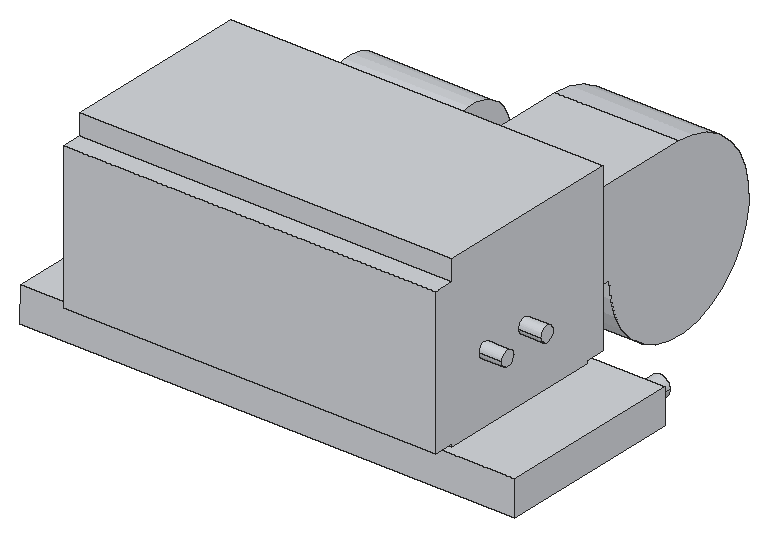
Revit family "3d00e6b4e3e946b3a1bdeae072e969f5", category Mechanical Equipment, Revit 2021
Family settings
  Round Connector Dimension = Use Diameter
  Part Type = Normal
  OmniClass Number = 23.75.70.17.27
  OmniClass Title = Fan Coil Units
  Seek Item ID = Fan Coil Unit - Horizontal - DX-0000-USA-ENU
  Work Plane-Based = No
  Always vertical = Yes
  Cut with Voids When Loaded = No
  Shared = No
  Room Calculation Point = No
Parameters (values of type "200 CFM")
  Voltage = 120 V
  Unit Length = 1' - 9 1/4"
  Unit Height = 0' - 8 3/4"
  Total Cooling Capacity = 6000 Btu/h
  Supply Air Width = 16"
  Supply Air Height = 6 1/4"
  Sensible Cooling Capacity = 4600 Btu/h
  Refrigerant Flow [instance] = 1 GPM
  Radius = Height 1 - 0' 1 1/2" - 0' 0 1/8"  # 0' - 2 1/16"
  Number of Poles = 1
  Nominal Air Flow [instance] = 200 CFM
  Load Classification = Cooling
  Length 2 = Unit Length / 4  # 0' - 5 5/16"
  Length 1 = Unit Length / 6  # 0' - 3.54167"
  Height 1 = Unit Height / 4 + 0' 1 1/2"  # 0' - 3 11/16"
  External Static Pressure [instance] = 0.30 in-wg
  Drain Flow [instance] = 0 GPM
  Default Elevation = 0' - 0"
  CFU Material = none
  C2 Offset 1 = 0' - 4 1/4"
  C1 Offset 1 = 0' - 4 1/4"
  Apparent Load = 50 VA
Types (8): name | Unit Length | Unit Height | Total Cooling Capacity | Supply Air Width | Supply Air Height | Sensible Cooling Capacity | Refrigerant Flow | Radius | Nominal Air Flow | Length 2 | Length 1 | Height 1 | C2 Offset 1 | C1 Offset 1 | Apparent Load
  (no name) | 1' - 9 1/4" | 0' - 8 3/4" | 6000 Btu/h | 16" | 6 1/4" | 4600 Btu/h | 1 GPM | 0' - 2 1/16" | 200 CFM | 0' - 5 5/16" | 0' - 3.54167" | 0' - 3 11/16" | 0' - 4 1/4" | 0' - 4 1/4" | 50 VA
  200 CFM | 1' - 9 1/4" | 0' - 8 3/4" | 6000 Btu/h | 16" | 6 1/4" | 4600 Btu/h | 1 GPM | 0' - 2 1/16" | 200 CFM | 0' - 5 5/16" | 0' - 3.54167" | 0' - 3 11/16" | 0' - 4 1/4" | 0' - 4 1/4" | 50 VA
  300 CFM | 2' - 1 1/4" | 0' - 8 3/4" | 9000 Btu/h | 20" | 6 1/4" | 6900 Btu/h | 2 GPM | 0' - 2 1/16" | 300 CFM | 0' - 6 5/16" | 0' - 4.20833" | 0' - 3 11/16" | 0' - 4 1/4" | 0' - 4 1/4" | 85 VA
  400 CFM | 2' - 7 1/4" | 0' - 8 3/4" | 13300 Btu/h | 26" | 6 1/4" | 10300 Btu/h | 3 GPM | 0' - 2 1/16" | 400 CFM | 0' - 7 13/16" | 0' - 5.20833" | 0' - 3 11/16" | 0' - 4 1/4" | 0' - 4 1/4" | 165 VA
  600 CFM | 3' - 0 1/4" | 0' - 10" | 18000 Btu/h | 31" | 7 1/2" | 14600 Btu/h | 4 GPM | 0' - 2 3/8" | 600 CFM | 0' - 9 1/16" | 0' - 6.04167" | 0' - 4" | 0' - 4 7/8" | 0' - 3 5/8" | 225 VA
  800 CFM | 3' - 7 1/4" | 0' - 10" | 22600 Btu/h | 38" | 7 1/2" | 16900 Btu/h | 5 GPM | 0' - 2 3/8" | 800 CFM | 0' - 10 13/16" | 0' - 7.20833" | 0' - 4" | 0' - 4 7/8" | 0' - 3 5/8" | 235 VA
  1000 CFM | 4' - 9 1/4" | 0' - 10" | 27500 Btu/h | 52" | 7 1/2" | 21000 Btu/h | 6 GPM | 0' - 2 3/8" | 1000 CFM | 1' - 2 5/16" | 0' - 9.54167" | 0' - 4" | 0' - 3 3/8" | 0' - 4 7/8" | 305 VA
  1200 CFM | 5' - 5 1/4" | 0' - 10" | 32800 Btu/h | 60" | 7 1/2" | 25000 Btu/h | 7 GPM | 0' - 2 3/8" | 1200 CFM | 1' - 4 5/16" | 0' - 10 7/8" | 0' - 4" | 0' - 3 3/8" | 0' - 4 7/8" | 435 VA
Reference planes (in)
  plane 1 "Center (Front/Back)": y = 0
  plane 2: z = 0
  plane 3 "Center (Left/Right)": x = 0
  plane 4: x = 21.25
  plane 5: y = 17
  plane 6: y = 8.5
  plane 7: z = 8.75
  plane 8: z = 7.875
  plane 9: z = 1.625
  plane 10: y = 0.375
  plane 11: z = 1.5
  plane 12: y = 7.625
  plane 13: x = 2.25
  plane 14: x = 18.25
  plane 15: x = 20.25
  plane 16: y = 4.25
  plane 17: y = 2.125
  plane 18: z = 4.5
  plane 19: z = 4.5
  plane 20: x = 19.25
  plane 21: z = 0.75
  plane 22: y = 13.25
  plane 23: x = 3.54167
  plane 24: x = 17.70833
  plane 25: x = 12.39583
  plane 26: x = 8.85417
  plane 27: z = 3.6875
  plane 28: y = -0.5
  plane 29: y = 8.0625
  plane 30: y = 9.0625
Forms (in)
  Extrusion 1, solid, material <- "CFU Material"
    sketch origin (0, 0, 0) x (0, 1, 0) y (0, 0, 1)
      loop
        line (0, 1.5) -> (0, 0) -> (8.0625, 0) -> (8.0625, 1.5) -> (0, 1.5)
    from 0 to 21.25
  Extrusion 2, solid, material <- "CFU Material"
    sketch origin (0, 0, 0) x (0, 1, 0) y (0, 0, 1)
      loop
        line (-0.5, 7.875) -> (-0.5, 1.625) -> (0.375, 1.625) -> (0.375, 1.5) -> (7.625, 1.5) -> (7.625, 1.625) -> (8.5, 1.625) -> (8.5, 8.75) -> (0.375, 8.75) -> (0.375, 7.875) -> (-0.5, 7.875)
    from 2.25 to 18.25
  Extrusion 3, solid, material <- "CFU Material"
    sketch origin (0, 0, 0) x (0, 1, 0) y (0, 0, 1)
      loop
        circle (2.125, 4.5) r 0.3125
    from 18.25 to 19.25
  Extrusion 4, solid, material <- "CFU Material"
    sketch origin (0, 0, 0) x (0, 1, 0) y (0, 0, 1)
      loop
        circle (4.25, 4.5) r 0.3125
    from 18.25 to 19.25
  Extrusion 5, solid, material <- "CFU Material"
    sketch origin (0, 0, 0) x (1, 0, 0) y (0, 0, 1)
      loop
        circle (20.25, 0.75) r 0.4375
    from -9.0625 to -8.0625
  Extrusion 6, solid, material <- "CFU Material"
    sketch origin (0, 0, 0) x (0, 1, 0) y (0, 0, 1)
      loop
        line (7.625, 1.625) -> (7.625, 1.5) -> (13.25, 1.5) -> (13.25, 1.625) -> (7.625, 1.625)
    from 3.54167 to 8.85417
  Extrusion 7, solid, material <- "CFU Material"
    sketch origin (0, 0, 0) x (0, 1, 0) y (0, 0, 1)
      loop
        circle (13.25, 3.6875) r 2.0625
    from 3.54167 to 8.85417
  Extrusion 8, solid, material <- "CFU Material"
    sketch origin (0, 0, 0) x (0, 1, 0) y (0, 0, 1)
      loop
        circle (13.25, 3.6875) r 0.5
    from 8.85417 to 12.39583
  Extrusion 9, solid, material <- "CFU Material"
    sketch origin (0, 0, 0) x (0, 1, 0) y (0, 0, 1)
      loop
        line (8.5, 7.4375) -> (8.5, 3.6875) -> (9.5, 3.6875)
        arc (9.5, 3.6875) -> (15.90165, 1.03585) -> (13.25, 7.4375) r 3.75
        line (13.25, 7.4375) -> (8.5, 7.4375)
    from 12.39583 to 17.70833
Cuts and joins
  joined: Extrusion 1, Extrusion 2, Extrusion 3, Extrusion 4, Extrusion 5, Extrusion 6, Extrusion 7, Extrusion 9
Dimensions and locks (in)
  "Unit Length": plane 3 "Center (Left/Right)" to plane 4
  equal spacing: plane 1 "Center (Front/Back)", plane 6, plane 5
  "Unit Height": plane 7 to plane 2
  locked: plane 7 to plane 8 at 0.875
  "Supply Air Height": plane 8 to plane 9
  locked: plane 11 to plane 2 at 1.5
  locked: plane 12 to plane 6 at 0.875
  locked: plane 3 "Center (Left/Right)" to plane 13 at 2.25
  "Supply Air Width": plane 13 to plane 14
  locked: plane 15 to plane 4 at 1
  locked: plane 14 to plane 20 at 1
  equal spacing: plane 11, plane 21, plane 2
  plane 22 to plane 5 = 0' - 3 3/4"
  "Length 1": plane 3 "Center (Left/Right)" to plane 23
  "Length 1": plane 24 to plane 4
  "Length 2": plane 25 to plane 24
  "Length 2": plane 23 to plane 26
  "Height 1": plane 27 to plane 2
  locked: plane 28 to plane 1 "Center (Front/Back)" at 0.5
  locked: plane 28 to plane 5 at 17.5
  locked: plane 28 to plane 17 at 2.625
  locked: plane 28 to plane 16 at 4.75
  locked: plane 28 to plane 10 at 0.875
  locked: Extrusion 9 sketch curve to plane 27 at 3.75
  "C1 Offset 1": plane 7 to plane 18
  "C2 Offset 1": plane 7 to plane 19
  equal spacing: plane 12, plane 29, plane 6
  locked: plane 30 to plane 29 at 1
  radius of Extrusion 3 sketch curve = 0' - 0 5/16"
  radius of Extrusion 4 sketch curve = 0' - 0 5/16"
  radius of Extrusion 5 sketch curve = 0' - 0 7/16"
  "Radius": radius of Extrusion 7 sketch curve
  radius of Extrusion 8 sketch curve = 0' - 0 1/2"
  aligned and locked: Extrusion 1 sketch curve to plane 11
  aligned and locked: plane 2 to Extrusion 1 sketch curve
  aligned and locked: Extrusion 2 sketch curve to plane 8
  aligned and locked: Extrusion 2 sketch curve to plane 10  (x2)
  aligned and locked: Extrusion 2 sketch curve to plane 7
  aligned and locked: Extrusion 2 sketch curve to plane 6
  aligned and locked: plane 9 to Extrusion 2 sketch curve  (x2)
  aligned and locked: Extrusion 2 sketch curve to plane 12
  aligned and locked: plane 11 to Extrusion 2 sketch curve
  aligned and locked: Extrusion 2 to plane 13
  aligned and locked: plane 14 to Extrusion 2
  aligned and locked: plane 4 to Extrusion 1
  aligned and locked: Extrusion 1 to plane 3 "Center (Left/Right)"
  aligned and locked: plane 18 to Extrusion 3 sketch curve
  aligned and locked: plane 17 to Extrusion 3 sketch curve
  aligned and locked: plane 16 to Extrusion 4 sketch curve
  aligned and locked: plane 19 to Extrusion 4 sketch curve
  aligned and locked: plane 20 to Extrusion 3
  aligned and locked: plane 20 to Extrusion 4
  aligned and locked: Extrusion 3 to plane 14
  aligned and locked: Extrusion 4 to plane 14
  aligned and locked: plane 21 to Extrusion 5 sketch curve
  aligned and locked: plane 15 to Extrusion 5 sketch curve
  aligned and locked: Extrusion 6 sketch curve to plane 9
  aligned and locked: Extrusion 6 sketch curve to plane 22
  aligned and locked: plane 11 to Extrusion 6 sketch curve
  aligned and locked: Extrusion 6 to plane 23
  aligned and locked: plane 26 to Extrusion 6
  aligned and locked: plane 12 to Extrusion 6 sketch curve
  aligned and locked: plane 22 to Extrusion 7 sketch curve
  aligned and locked: plane 27 to Extrusion 7 sketch curve
  aligned and locked: plane 22 to Extrusion 8 sketch curve
  aligned and locked: plane 27 to Extrusion 8 sketch curve
  aligned and locked: Extrusion 9 sketch curve to plane 6
  aligned and locked: plane 24 to Extrusion 9
  aligned and locked: Extrusion 9 to plane 25
  aligned and locked: plane 25 to Extrusion 8
  aligned and locked: Extrusion 8 to plane 26
  aligned and locked: plane 26 to Extrusion 7
  aligned and locked: Extrusion 7 to plane 23
  aligned and locked: Extrusion 1 sketch curve to plane 1 "Center (Front/Back)"
  aligned and locked: Extrusion 2 sketch curve to plane 28
  aligned and locked: plane 27 to Extrusion 9 sketch curve
  aligned and locked: plane 22 to Extrusion 9 sketch curve
  aligned and locked: Extrusion 1 sketch curve to plane 29
  aligned and locked: cut or joined group 1 (Extrusion 1, Extrusion 2, Extrusion 3, Extrusion 4, Extrusion 5, Extrusion 6, Extrusion 7, Extrusion 9) to cut or joined group 1
  aligned and locked: plane 30 to cut or joined group 1
Connectors (in)
  hvac at (10.25, -0.5, 4.75), driven by "External Static Pressure", driven by "Nominal Air Flow", driven by "Supply Air Height", driven by "Supply Air Width"
    settings: on cut or joined group 1, index 1, duct flow 200 CFM, flow factor 0, pres drop 0.30 in-wg, loss coef 0, conn angle 0.00°, conn width 16", conn height 6 1/4", conn diameter 24", duct sys type 1, conn prof type 1, flow config 0, flow direction 2, loss method 4, conn ref index -1, conn util no, is conn primary yes, conn desc ""
  piping at (19.25, 2.125, 4.5), diameter 0.625, driven by "Refrigerant Flow"
    settings: on cut or joined group 1, index 2, connector inside diameter 5/8", connector length 0' - 0", flow factor 0, pipe flow 1 GPM, pressure drop 0.00 psi, fitting loss kfactor 0, connector angle 0.00°, fixture units 0, engagement length 0' - 0", angle of deflection 0.00°, flow configuration 1, flow direction 1, fitting loss method 0, system type 22, joint type 0, gender type 0, connector reference index 3, connector utility 0, adjustable connector no, is connector primary yes, connector description "Refrigerant, In"
  piping at (19.25, 4.25, 4.5), diameter 0.625, driven by "Refrigerant Flow"
    settings: on cut or joined group 1, index 3, connector inside diameter 5/8", connector length 0' - 0", flow factor 0, pipe flow 1 GPM, pressure drop 0.00 psi, fitting loss kfactor 0, connector angle 0.00°, fixture units 0, engagement length 0' - 0", angle of deflection 0.00°, flow configuration 1, flow direction 2, fitting loss method 0, system type 22, joint type 0, gender type 0, connector reference index 2, connector utility 0, adjustable connector no, is connector primary no, connector description "Refrigerant, Out"
  piping at (20.25, 9.0625, 0.75), diameter 0.875, driven by "Drain Flow"
    settings: on cut or joined group 1, index 4, connector inside diameter 7/8", connector length 0' - 0", flow factor 0, pipe flow 0 GPM, pressure drop 0.00 psi, fitting loss kfactor 0, connector angle 0.00°, fixture units 0, engagement length 0' - 0", angle of deflection 0.00°, flow configuration 1, flow direction 2, fitting loss method 0, system type 16, joint type 0, gender type 0, connector reference index -1, connector utility 0, adjustable connector yes, is connector primary no, connector description "Drain, Out"
  electrical at (18.25, 3.275, 4.275), driven by "Apparent Load", driven by "Voltage", driven by "Number of Poles", driven by "Load Classification"
    settings: on cut or joined group 1, index 5, voltage 120 V, apparent load 50 VA, apparent load phase1 0 VA, apparent load phase2 0 VA, apparent load phase3 0 VA, power factor 0.8, load classification "Cooling", number of poles 1, system type 30, power factor state 1, is connector primary yes, connector utility no, sub classification motor no, connector description ""
